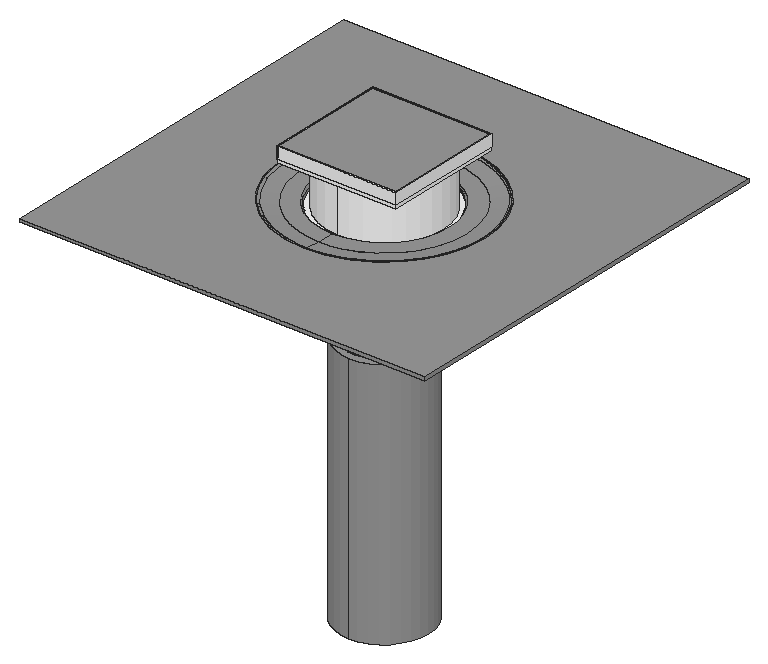
Revit family "HL_RU_Roof drain_HL69BH-B-221103", category Instalační zařizovací předměty, Revit 2021
Family settings
  Kóta kulaté spojky = Použít průměr
  Typ dílu = Normální
  Číslo OmniClass = 23.70.50.21.24.14
  Nadpis OmniClass = Deck Waste Water Drains
  Založené na pracovní rovině = Ne
  Vždy vertikální = Ano
  Ořezat dutým tvarem při načtení = Ne
  Sdílené = Ne
  Bod výpočtu místnosti = Ano
Parameters
  РЕШЁТКА = "Edelstahl 137x137mm"
  РАЗМЕР = "für DN110"
  ПРОПУСКНАЯ СПОСОБНОСТЬ [instance] = 0.0 L/s
  ПРОИЗВОДИТЕЛЬНОСТЬ = "6,83 l/s"
  ПРАВОВАЯ ИНФОРМАЦИЯ = "Авторские права(©), права на дизайн или какие либо другие права интелектуальной собственности являются исключительной собственностью компании HL Hutterer & Lechner. Изменению не подлежит. Файл семейства с данными о прозводителе изделия защищен паролем с водяным знаком."
  НОМИНАЛЬНЫЙ ДИАМЕТР = 110 mm
  НАСАДКА = "12-65mm/148x148mm"
  МАТЕРИАЛ = "PP"
  МАКСИМАЛЬНАЯ НАГРУЗКА КЛАССА = "K - 300 kg"
  ВЫСОТА МОНТАЖА = "301 mm"
  ВЕС = "2,727 [kg]"
  Výchozí výška = 0 mm
  Výrobce = "HL Hutterer & Lechner GmbH"  # constant formula
  URL = "http://www.hutterer-lechner.com/ru/products/catalog/roof-drains/HL69BH/1.aspx"
  Материал плитка [instance] = none
  Přípoj ventilace = no
  Přípoj odpadních dílů = yes
  Přípoj HW = no
  Přípoj CW = no
  Popis = "Кровельные воронки"
  Model = "HL69BH_1"
  Assembly Code = " "
  Komentáře k typům = "HL69BH/1, \"Ремонтная\" кровельная воронка для DN110 с битумным полотном. Проходная _ 148х148мм/137х137мм."
  Keynote = "HL69BH_1"
  EAN = "9003076009251"
  Bысота монтажа [instance] = 65 mm
  G [instance] = 180.00°  # constant formula
  D [instance] = if(НОМИНАЛЬНЫЙ ДИАМЕТР = 75 mm, 250 mm, if(НОМИНАЛЬНЫЙ ДИАМЕТР = 160 mm, 250 mm, 363 mm)) + Bысота монтажа  # 428 mm
  C [instance] = if(Bысота монтажа - 68 mm < 0 mm, 0 mm, Bысота монтажа - 68 mm)  # 0 mm
  B [instance] = 100 mm  # constant formula
  A [instance] = if(B - 100 mm > 15 mm, B - 100 mm, 15 mm)  # 15 mm
Types (5, lengths in mm): name | РАЗМЕР | ПРОИЗВОДИТЕЛЬНОСТЬ | НОМИНАЛЬНЫЙ ДИАМЕТР | ВЕС | URL | Model | Komentáře k typům | Keynote | EAN | D
  (no name) | "für DN110" | "6,83 l/s" | 110 | "2,727 [kg]" | "http://www.hutterer-lechner.com/ru/products/catalog/roof-drains/HL69BH/1.aspx" | "HL69BH_1" | "HL69BH/1, \"Ремонтная\" кровельная воронка для DN110 с битумным полотном. Проходная _ 148х148мм/137х137мм." | "HL69BH_1" | "9003076009251" | 428
  HL_Кровельная воронка_HL69BH_1 | "für DN110" | "6,83 l/s" | 110 | "2,727 [kg]" | "http://www.hutterer-lechner.com/ru/products/catalog/roof-drains/HL69BH/1.aspx" | "HL69BH_1" | "HL69BH/1, \"Ремонтная\" кровельная воронка для DN110 с битумным полотном. Проходная _ 148х148мм/137х137мм." | "HL69BH_1" | "9003076009251" | 428
  HL_Кровельная воронка_HL69BH_2 | "für DN125" | "8,17 l/s" | 125 | "2,42 [kg]" | "http://www.hutterer-lechner.com/ru/products/catalog/roof-drains/HL69BH/2.aspx" | "HL69BH_2" | "HL69BH/2, \"Ремонтная\" кровельная воронка для DN125 с битумным полотном. Проходная _ 148х148мм/137х137мм." | "HL69BH_2" | "9003076009275" | 428
  HL_Кровельная воронка_HL69BH_5 | "für DN160" | "6,50 l/s" | 160 | "2,76 [kg]" | "http://www.hutterer-lechner.com/ru/products/catalog/roof-drains/HL69BH/5.aspx" | "HL69BH_5" | "HL69BH/5, \"Ремонтная\" кровельная воронка для DN160 с битумным полотном. Проходная _ 148х148мм/137х137мм." | "HL69BH_5" | "9003076009299" | 315
  HL_Кровельная воронка_HL69BH_7 | "für DN75" | "7,00 l/sec" | 75 | "2,454 [kg]" | "http://www.hutterer-lechner.com/ru/products/catalog/roof-drains/HL69BH/7.aspx" | "HL69BH_7" | "HL69BH/7, \"Ремонтная\" кровельная воронка для DN75 с битумным полотном. Проходная _ 148х148мм/137х137мм." | "HL69BH_7" | "9003076009312" | 315
Reference planes
  plane 1 "Center (Front/Back)": y = 0
  plane 2: z = 0
  plane 3 "Center (Left/Right)": x = 0
  plane 4: z = -100
  plane 5: z = -65
Lines and regions (mm)
  model lines, style "InvisibleLines"
    curve 1: line (0, 0, 0) -> (0, 0, 20)
  model lines, style "PlumbingFixtures", detail levels coarse+medium
    curve 2: line (0, 0, -100) -> (0, 0, -85)
    curve 3: line (0, 0, -85) -> (-85, 0, 0)
    curve 4: line (0, 0, -85) -> (85, 0, 0)
    curve 6: line (0, 0, -100) -> (0, 0, -528)
  reference lines, not visible
    curve 5: line (0, 0, -100) -> (0, 0, -528)
  symbolic lines, style "PlumbingFixtures", detail levels coarse+medium
    curve 7: line (-75, 75, 0) -> (75, 75, 0)
    curve 8: line (-75, -75, 0) -> (-75, 75, 0)
    curve 9: line (75, -75, 0) -> (-75, -75, 0)
    curve 10: line (75, 75, 0) -> (75, -75, 0)
    curve 11: line (-75, 75, 0) -> (-145.711, 145.711, 0)
    curve 12: line (75, 75, 0) -> (145.711, 145.711, 0)
    curve 13: line (-75, -75, 0) -> (-145.711, -145.711, 0)
    curve 14: line (75, -75, 0) -> (145.711, -145.711, 0)
  symbolic lines, style "PlumbingFixtures", not visible, detail levels coarse+medium
    curve 15: line (-75, 75, 0) -> (75, 75, 0)
    curve 16: line (-75, -75, 0) -> (-75, 75, 0)
    curve 17: line (75, -75, 0) -> (-75, -75, 0)
    curve 18: line (75, 75, 0) -> (75, -75, 0)
    curve 19: line (-75, 75, 0) -> (-145.711, 145.711, 0)
    curve 20: line (75, 75, 0) -> (145.711, 145.711, 0)
    curve 21: line (-75, -75, 0) -> (-145.711, -145.711, 0)
    curve 22: line (75, -75, 0) -> (145.711, -145.711, 0)
Text (mm)
  text "FLOOR" at (-162.344, 0, -10.979), in view "Drain Construction View"
Dimensions and locks
  "B": plane 2 to plane 4
  "Bысота монтажа": plane 2 to plane 5
  "A": curve 4 to plane 4
  "D": curve 5 to curve 5
  "D": curve 6 to curve 6
  locked: curve 4 to plane 3 "Center (Left/Right)" (angle 45.00°)
  locked: plane 3 "Center (Left/Right)" to curve 3 (angle 45.00°)
  "G": angle curve 5 to plane 3 "Center (Left/Right)"
  aligned and locked: level to plane 2
  aligned and locked: plane 2 to curve 4
  aligned and locked: plane 2 to curve 3
  aligned and locked: plane 4 to curve 5
  aligned and locked: plane 3 "Center (Left/Right)" to curve 5
  aligned and locked: plane 4 to curve 2
  aligned and locked: curve 6 to plane 3 "Center (Left/Right)"
  aligned and locked: curve 6 to plane 4
  aligned and locked: nested 2 to plane 5
  aligned and locked: plane 2 to nested 1
  aligned and locked: nested 2 to plane 3 "Center (Left/Right)"
  aligned and locked: plane 3 "Center (Left/Right)" to nested 1
Automatic sketch dimensions
  curve 2 to plane 3 "Center (Left/Right)" = 0 mm
  curve 1 to plane 3 "Center (Left/Right)" = 0 mm
  curve 1 to level = 0 mm
  level to curve 1 = 20 mm
Nested families
  nested 1: "HL_Насадка_HL66.9S" at (0, 0, 0), Bысота монтажа <- "Bысота монтажа", type "HL_Grate frame_HL66.9S"
    with L 93 mm, IHmin 12 mm, IHmax 65 mm, Bысота монтажа 65 mm
  nested 2: "HL_кровельные воронки - корпус_HL69H" at (0, 0, -69), НОМИНАЛЬНЫЙ ДИАМЕТР <- "НОМИНАЛЬНЫЙ ДИАМЕТР", type "HL_кровельные воронки - корпус_HL69H"
    with НОМИНАЛЬНЫЙ ДИАМЕТР 110 mm, C no, B no, A yes
Connectors
  piping at (0, 0, -528), diameter 110, driven by "ПРОПУСКНАЯ СПОСОБНОСТЬ", driven by "НОМИНАЛЬНЫЙ ДИАМЕТР"
    settings: on curve 5, index 1, connector inside diameter 609.6 mm, connector length 0 mm, flow factor 0, pipe flow 0.0 L/s, pressure drop 0.0 Pa, fitting loss kfactor 0, connector angle 0.00°, fixture units 0, engagement length 0 mm, angle of deflection 0.00°, flow configuration 1, flow direction 2, fitting loss method 0, system type 16, joint type 0, gender type 0, connector reference index -1, connector utility 0, adjustable connector yes, is connector primary yes, connector description ""
Definition of nested family "HL_Насадка_HL66.9S"
  Parameters (values of type "HL_Grate frame_HL66.9S")
    РЕШЁТКА = "Edelstahl 138x138mm"
    РАЗМЕР = "d 145 mm"
    ПРАВОВАЯ ИНФОРМАЦИЯ = "Авторские права(©), права на дизайн или какие либо другие права интелектуальной собственности являются исключительной собственностью компании HL Hutterer & Lechner. Изменению не подлежит. Файл семейства с данными о прозводителе изделия защищен паролем с водяным знаком."
    НАСАДКА = "147x147mm"
    МАТЕРИАЛ = "PP"
    МАКСИМАЛЬНАЯ НАГРУЗКА КЛАССА = "K - 300 kg"
    ВЫСОТА МОНТАЖА = "12-65mm"
    Материал плитка = none
    ВЕС = "0,345 [kg]"
    Default Elevation = 0 mm
    L [instance] = if(Bысота монтажа < IHmin, -100 mm, if(Bысота монтажа > IHmax, -100 mm, Bысота монтажа + 28 mm))  # 93 mm
    Manufacturer = "HL Hutterer & Lechner GmbH"
    URL = "http://www.hutterer-lechner.com/ru/products/catalog/roof-drains/HL66.9.aspx"
    Description = "Кровельные воронки"
    Model = "HL66.9"
    Type Comments = "HL66.9, Насадка d 145мм с бороздками/147х147мм/138х138мм"
    Keynote = "HL66.9"
    Bысота монтажа [instance] = 65 mm
    IHmin [instance] = 12 mm
    IHmax [instance] = 65 mm
    EAN = "9003076014606"
    Cost = 0
  Reference planes
    plane 1 "Střed (vpředu/vzadu)": y = 0
    plane 2: z = 0
    plane 3 "Střed (vlevo/vpravo)": x = 0
  Forms (mm)
    Revolve 1, solid, detail levels fine
      sketch origin (0, 0, 128) x (0, 1, 0) y (0, 0, 1)
        loop
          line (72.5, -142) -> (69.248, -142) -> (69.248, -221) -> (72.5, -221) -> (72.5, -142)
        axis (0, -142) -> (0, -221)
      angle from 0 to 360
    Extrusion 2, solid, detail levels fine
      sketch origin (-1.537, 0, -14.6) x (0, 1, 0) y (-1, 0, 0)
        loop
          line (74, 72.459) -> (-74, 72.459) -> (-74, -75.537) -> (74, -75.537) -> (74, 72.459)
        loop
          line (73, 71.463) -> (-73, 71.463) -> (-73, -74.537) -> (73, -74.537) -> (73, 71.463)
      from 0.6 to 14.6
    Extrusion 3, solid, detail levels fine
      sketch origin (-1.537, 0, -14) x (-1, 0, 0) y (0, 1, 0)
        loop
          line (71.463, 73) -> (-74.537, 73) -> (-74.537, -73) -> (71.463, -73) -> (71.463, 73)
        loop
          circle (-1.537, 0) r 72.5
      from 0 to 5
    Extrusion 4, solid, detail levels fine
      sketch origin (-1.537, 0, -14) x (-1, 0, 0) y (0, -1, 0)
        loop
          line (70.95, -72.397) -> (70.95, 72.463) -> (-74.05, 72.463) -> (-74.05, -72.397) -> (70.95, -72.397)
      from 0 to 14
    Revolve 5, solid, detail levels fine
      sketch origin (0, 75.989, -93) x (0, -1, 0) y (0, 0, -1)
        loop
          line (3.489, -20) -> (3.489, 0) -> (0.186, 0) -> (-2.325, -2.511) -> (-2.325, -20) -> (3.489, -20)
        axis (75.989, -20) -> (75.989, 0)
      angle from 0 to 360
  Lines and regions (mm)
    model lines, detail levels fine
      curve 1: line (36.25, 24.325, 0) -> (36.25, -24.42, 0)
      curve 2: line (43.75, -24.42, 0) -> (43.75, 24.325, 0)
      curve 3: line (52.25, 40.306, 0) -> (52.25, -40.355, 0)
      curve 4: line (59.75, -40.355, 0) -> (59.75, 40.306, 0)
      curve 5: line (20.25, 8.588, 0) -> (20.25, -8.684, 0)
      curve 6: line (27.75, -8.684, 0) -> (27.75, 8.588, 0)
      curve 7: arc (27.75, 8.588, 0) -> (24, 12.338, 0) -> (20.25, 8.588, 0) r 3.75
      curve 8: arc (20.25, -8.684, 0) -> (24, -12.434, 0) -> (27.75, -8.684, 0) r 3.75
      curve 9: arc (36.25, -24.42, 0) -> (40, -28.17, 0) -> (43.75, -24.42, 0) r 3.75
      curve 10: arc (43.75, 24.325, 0) -> (40, 28.075, 0) -> (36.25, 24.325, 0) r 3.75
      curve 11: arc (59.75, 40.306, 0) -> (56, 44.056, 0) -> (52.25, 40.306, 0) r 3.75
      curve 12: arc (52.25, -40.355, 0) -> (56, -44.105, 0) -> (59.75, -40.355, 0) r 3.75
      curve 13: line (-24.325, -36.25, 0) -> (24.42, -36.25, 0)
      curve 14: line (24.42, -43.75, 0) -> (-24.325, -43.75, 0)
      curve 15: line (-40.306, -52.25, 0) -> (40.355, -52.25, 0)
      curve 16: line (40.355, -59.75, 0) -> (-40.306, -59.75, 0)
      curve 17: line (-8.588, -20.25, 0) -> (8.684, -20.25, 0)
      curve 18: line (8.684, -27.75, 0) -> (-8.588, -27.75, 0)
      curve 19: arc (-8.588, -27.75, 0) -> (-12.338, -24, 0) -> (-8.588, -20.25, 0) r 3.75
      curve 20: arc (8.684, -20.25, 0) -> (12.434, -24, 0) -> (8.684, -27.75, 0) r 3.75
      curve 21: arc (24.42, -36.25, 0) -> (28.17, -40, 0) -> (24.42, -43.75, 0) r 3.75
      curve 22: arc (-24.325, -43.75, 0) -> (-28.075, -40, 0) -> (-24.325, -36.25, 0) r 3.75
      curve 23: arc (-40.306, -59.75, 0) -> (-44.056, -56, 0) -> (-40.306, -52.25, 0) r 3.75
      curve 24: arc (40.355, -52.25, 0) -> (44.105, -56, 0) -> (40.355, -59.75, 0) r 3.75
      curve 25: line (36.25, -24.42, 0) -> (36.25, 24.325, 0)
      curve 26: line (43.75, 24.325, 0) -> (43.75, -24.42, 0)
      curve 27: line (52.25, -40.355, 0) -> (52.25, 40.306, 0)
      curve 28: line (59.75, 40.306, 0) -> (59.75, -40.355, 0)
      curve 29: line (20.25, -8.684, 0) -> (20.25, 8.588, 0)
      curve 30: line (27.75, 8.588, 0) -> (27.75, -8.684, 0)
      curve 31: arc (27.75, -8.588, 0) -> (24, -12.338, 0) -> (20.25, -8.588, 0) r 3.75
      curve 32: arc (20.25, 8.684, 0) -> (24, 12.434, 0) -> (27.75, 8.684, 0) r 3.75
      curve 33: arc (36.25, 24.42, 0) -> (40, 28.17, 0) -> (43.75, 24.42, 0) r 3.75
      curve 34: arc (43.75, -24.325, 0) -> (40, -28.075, 0) -> (36.25, -24.325, 0) r 3.75
      curve 35: arc (59.75, -40.306, 0) -> (56, -44.056, 0) -> (52.25, -40.306, 0) r 3.75
      curve 36: arc (52.25, 40.355, 0) -> (56, 44.105, 0) -> (59.75, 40.355, 0) r 3.75
      curve 37: line (24.42, -36.25, 0) -> (-24.325, -36.25, 0)
      curve 38: line (-24.325, -43.75, 0) -> (24.42, -43.75, 0)
      curve 39: line (40.355, -52.25, 0) -> (-40.306, -52.25, 0)
      curve 40: line (-40.306, -59.75, 0) -> (40.355, -59.75, 0)
      curve 41: line (8.684, -20.25, 0) -> (-8.588, -20.25, 0)
      curve 42: line (-8.588, -27.75, 0) -> (8.684, -27.75, 0)
      curve 43: arc (8.588, -27.75, 0) -> (12.338, -24, 0) -> (8.588, -20.25, 0) r 3.75
      curve 44: arc (-8.684, -20.25, 0) -> (-12.434, -24, 0) -> (-8.684, -27.75, 0) r 3.75
      curve 45: arc (-24.42, -36.25, 0) -> (-28.17, -40, 0) -> (-24.42, -43.75, 0) r 3.75
      curve 46: arc (24.325, -43.75, 0) -> (28.075, -40, 0) -> (24.325, -36.25, 0) r 3.75
      curve 47: arc (40.306, -59.75, 0) -> (44.056, -56, 0) -> (40.306, -52.25, 0) r 3.75
      curve 48: arc (-40.355, -52.25, 0) -> (-44.105, -56, 0) -> (-40.355, -59.75, 0) r 3.75
      curve 49: line (-36.25, 24.325, 0) -> (-36.25, -24.325, 0)
      curve 50: line (-43.75, -24.325, 0) -> (-43.75, 24.325, 0)
      curve 51: line (-52.25, 40.306, 0) -> (-52.25, -40.306, 0)
      curve 52: line (-59.75, -40.306, 0) -> (-59.75, 40.306, 0)
      curve 53: line (-20.25, 8.588, 0) -> (-20.25, -8.588, 0)
      curve 54: line (-27.75, -8.684, 0) -> (-27.75, 8.588, 0)
      curve 55: arc (-27.75, 8.588, 0) -> (-24, 12.338, 0) -> (-20.25, 8.588, 0) r 3.75
      curve 56: arc (-20.25, -8.684, 0) -> (-24, -12.434, 0) -> (-27.75, -8.684, 0) r 3.75
      curve 57: arc (-43.75, 24.325, 0) -> (-40, 28.075, 0) -> (-36.25, 24.325, 0) r 3.75
      curve 58: arc (-59.75, 40.306, 0) -> (-56, 44.056, 0) -> (-52.25, 40.306, 0) r 3.75
      curve 59: line (-36.25, -24.325, 0) -> (-36.25, 24.325, 0)
      curve 60: line (-43.75, 24.325, 0) -> (-43.75, -24.325, 0)
      curve 61: line (-52.25, -40.306, 0) -> (-52.25, 40.306, 0)
      curve 62: line (-59.75, 40.306, 0) -> (-59.75, -40.306, 0)
      curve 63: line (-20.25, -8.588, 0) -> (-20.25, 8.588, 0)
      curve 64: line (-27.75, 8.588, 0) -> (-27.75, -8.684, 0)
      curve 65: arc (-27.75, -8.588, 0) -> (-24, -12.338, 0) -> (-20.25, -8.588, 0) r 3.75
      curve 66: arc (-20.25, 8.684, 0) -> (-24, 12.434, 0) -> (-27.75, 8.684, 0) r 3.75
      curve 67: arc (-36.25, 24.42, 0) -> (-40, 28.17, 0) -> (-43.75, 24.42, 0) r 3.75
      curve 68: arc (-43.75, -24.325, 0) -> (-40, -28.075, 0) -> (-36.25, -24.325, 0) r 3.75
      curve 69: arc (-59.75, -40.306, 0) -> (-56, -44.056, 0) -> (-52.25, -40.306, 0) r 3.75
      curve 70: arc (-52.25, 40.355, 0) -> (-56, 44.105, 0) -> (-59.75, 40.355, 0) r 3.75
      curve 71: line (-24.42, 36.25, 0) -> (24.325, 36.25, 0)
      curve 72: line (24.42, 43.75, 0) -> (-24.42, 43.75, 0)
      curve 73: line (-40.355, 52.25, 0) -> (40.306, 52.25, 0)
      curve 74: line (40.306, 59.75, 0) -> (-40.355, 59.75, 0)
      curve 75: line (-8.588, 20.25, 0) -> (8.588, 20.25, 0)
      curve 76: line (8.684, 27.75, 0) -> (-8.588, 27.75, 0)
      curve 77: arc (-8.588, 27.75, 0) -> (-12.338, 24, 0) -> (-8.588, 20.25, 0) r 3.75
      curve 78: arc (8.684, 20.25, 0) -> (12.434, 24, 0) -> (8.684, 27.75, 0) r 3.75
      curve 79: arc (24.42, 36.25, 0) -> (28.17, 40, 0) -> (24.42, 43.75, 0) r 3.75
      curve 80: line (24.325, 36.25, 0) -> (-24.42, 36.25, 0)
      curve 81: line (-24.42, 43.75, 0) -> (24.42, 43.75, 0)
      curve 82: line (40.306, 52.25, 0) -> (-40.355, 52.25, 0)
      curve 83: line (-40.355, 59.75, 0) -> (40.306, 59.75, 0)
      curve 84: line (8.588, 20.25, 0) -> (-8.588, 20.25, 0)
      curve 85: line (-8.588, 27.75, 0) -> (8.684, 27.75, 0)
      curve 86: arc (8.588, 27.75, 0) -> (12.338, 24, 0) -> (8.588, 20.25, 0) r 3.75
      curve 87: arc (-8.684, 20.25, 0) -> (-12.434, 24, 0) -> (-8.684, 27.75, 0) r 3.75
      curve 88: arc (-24.42, 36.25, 0) -> (-28.17, 40, 0) -> (-24.42, 43.75, 0) r 3.75
      curve 89: arc (24.325, 43.75, 0) -> (28.075, 40, 0) -> (24.325, 36.25, 0) r 3.75
      curve 90: arc (40.306, 59.75, 0) -> (44.056, 56, 0) -> (40.306, 52.25, 0) r 3.75
      curve 91: arc (-40.355, 52.25, 0) -> (-44.105, 56, 0) -> (-40.355, 59.75, 0) r 3.75
    reference lines
      curve 92: line (0, 75.989, -93) -> (0, -174.011, -93)
  Dimensions and locks
    Extrusion 2 sketch curve to Extrusion 2 sketch curve = 147.996 mm
    Extrusion 2 sketch curve to Extrusion 2 sketch curve = 148 mm
    "L": curve 92 to plane 2
    aligned and locked: level to plane 2
    aligned and locked: Revolve 1 to curve 92
  Automatic sketch dimensions
    plane 1 "Střed (vpředu/vzadu)" to Extrusion 2 sketch curve = 74 mm
    Extrusion 2 sketch curve to Extrusion 2 sketch curve = 1 mm  (x3)
    plane 3 "Střed (vlevo/vpravo)" to Extrusion 2 sketch curve = 74 mm
    Extrusion 2 sketch curve to Extrusion 2 sketch curve = 0.996 mm
    Extrusion 3 sketch curve to Extrusion 2 = 0 mm  (x4)
    Extrusion 3 sketch curve to Extrusion 2 = 73 mm  (x2)
    Extrusion 2 to curve 16 = 13.25 mm
    curve 24 to curve 47 = 3.75 mm
    curve 47 to curve 24 = 0 mm
    curve 48 to curve 23 = 0 mm  (x2)
    curve 23 to curve 38 = 8.5 mm
    curve 24 to curve 12 = 11.895 mm
    curve 12 to curve 35 = 0.048 mm
    curve 15 to curve 69 = 11.944 mm
    curve 22 to curve 45 = 3.75 mm
    curve 21 to curve 46 = 3.75 mm
    curve 46 to curve 21 = 0 mm
    curve 22 to curve 18 = 8.5 mm
    curve 21 to curve 9 = 11.83 mm
    curve 13 to curve 49 = 11.925 mm
    curve 9 to curve 34 = 0.095 mm
    curve 18 to curve 19 = 3.75 mm
    curve 44 to curve 19 = 0 mm  (x2)
    curve 43 to curve 20 = 0 mm
    curve 20 to curve 5 = 11.566 mm
    curve 49 to curve 64 = 15.642 mm
    curve 8 to curve 31 = 0.095 mm
    curve 56 to curve 53 = 0.095 mm
    curve 65 to curve 64 = 17.177 mm
    curve 31 to curve 29 = 17.177 mm
    curve 7 to curve 32 = 0.095 mm
    curve 55 to curve 66 = 0.095 mm
    curve 32 to curve 84 = 11.566 mm
    curve 86 to curve 78 = 3.75 mm
    curve 86 to curve 78 = 0 mm
    curve 77 to curve 87 = 3.75 mm
    curve 87 to curve 77 = 0 mm  (x2)
    curve 66 to curve 60 = 15.642 mm
    curve 32 to curve 26 = 15.642 mm
    curve 10 to curve 33 = 0.095 mm
    curve 57 to curve 67 = 0.095 mm
    curve 33 to curve 71 = 11.83 mm
    curve 89 to curve 89 = 3.75 mm
    curve 88 to curve 88 = 3.75 mm
    curve 89 to curve 79 = 0 mm
    curve 33 to curve 11 = 15.886 mm
    curve 67 to curve 51 = 15.886 mm
    curve 58 to curve 70 = 0.048 mm
    curve 11 to curve 36 = 0.048 mm
    curve 70 to curve 73 = 11.895 mm
    curve 90 to curve 90 = 3.75 mm
    Extrusion 2 to curve 28 = 13.25 mm
    curve 4 to curve 11 = 3.75 mm
    curve 35 to curve 12 = 0 mm
    curve 36 to curve 11 = 0 mm
    curve 3 to curve 2 = 8.5 mm
    curve 3 to curve 39 = 11.895 mm
    curve 11 to curve 83 = 11.944 mm
    curve 24 to curve 47 = 0.048 mm
    curve 26 to curve 9 = 3.75 mm
    curve 33 to curve 10 = 0 mm
    curve 34 to curve 9 = 0 mm
    curve 34 to curve 30 = 8.5 mm
    curve 90 to curve 72 = 15.886 mm
    curve 1 to curve 21 = 11.83 mm
    curve 79 to curve 80 = 0.095 mm
    curve 21 to curve 46 = 0.095 mm
    curve 6 to curve 32 = 3.75 mm
    curve 6 to curve 8 = 3.75 mm
    curve 31 to curve 8 = 0 mm
    curve 29 to curve 17 = 11.566 mm
    curve 7 to curve 78 = 11.566 mm
    curve 78 to curve 86 = 0.095 mm
    curve 20 to curve 43 = 0.095 mm
    curve 43 to curve 41 = 17.177 mm
    curve 86 to curve 77 = 17.177 mm
    curve 19 to curve 44 = 0.095 mm
    curve 77 to curve 87 = 0.095 mm
    curve 87 to curve 53 = 11.566 mm
    curve 53 to curve 66 = 3.75 mm
    curve 55 to curve 66 = 0 mm
    curve 56 to curve 54 = 3.75 mm
    curve 65 to curve 56 = 0 mm
    curve 44 to curve 14 = 15.642 mm
    curve 22 to curve 45 = 0.095 mm
    curve 87 to curve 72 = 15.736 mm
    curve 45 to curve 59 = 11.83 mm
    curve 57 to curve 67 = 3.75 mm
    curve 68 to curve 68 = 3.75 mm
    curve 45 to curve 15 = 15.886 mm
    curve 23 to curve 48 = 0.048 mm
    curve 72 to curve 74 = 15.935 mm
    curve 91 to curve 51 = 11.895 mm
    curve 51 to curve 70 = 3.75 mm
    curve 51 to curve 69 = 3.75 mm
    curve 45 to curve 22 = 0 mm
    curve 36 to curve 28 = 0 mm
    curve 33 to curve 2 = 0 mm
    curve 32 to curve 30 = 0 mm
    curve 66 to curve 55 = 0 mm
    curve 67 to curve 57 = 0 mm
    curve 70 to curve 51 = 0 mm
    Extrusion 4 sketch curve to Extrusion 3 = 0.487 mm
    Extrusion 4 sketch curve to Extrusion 3 = 0.513 mm
    Extrusion 4 sketch curve to Extrusion 3 = 0.603 mm
    Extrusion 4 sketch curve to Extrusion 3 = 0.537 mm
    Revolve 1 sketch curve to plane 1 "Střed (vpředu/vzadu)" = 0 mm
    Revolve 1 sketch curve to level = 14 mm
    Revolve 1 sketch curve to plane 1 "Střed (vpředu/vzadu)" = 69.248 mm
    Revolve 1 sketch curve to Revolve 1 sketch curve = 3.252 mm
    Revolve 1 sketch curve to Revolve 1 sketch curve = 79 mm
    Revolve 1 sketch curve to Revolve 1 sketch curve = 17.5 mm
    level to Revolve 1 sketch curve = 144.5 mm
    Revolve 5 sketch curve to curve 92 = 0 mm
    Revolve 5 sketch curve to curve 92 = 2.325 mm
    curve 92 to Revolve 5 sketch curve = 0.186 mm
    curve 92 to Revolve 5 sketch curve = 3.489 mm
    Revolve 5 sketch curve to curve 92 = 2.511 mm
    Revolve 5 sketch curve to curve 92 = 20 mm
    curve 92 to Revolve 5 sketch curve = 75.989 mm
    Revolve 5 sketch curve to curve 92 = 393 mm
    curve 92 to Revolve 5 sketch curve = 207 mm
    plane 1 "Střed (vpředu/vzadu)" to curve 92 = 174.011 mm
    curve 92 to plane 1 "Střed (vpředu/vzadu)" = 75.989 mm
    radius of Extrusion 3 sketch curve = 72.5 mm
Definition of nested family "HL_кровельные воронки - корпус_HL69H"
  Parameters (values of type "HL_кровельные воронки - корпус_HL69H")
    НОМИНАЛЬНЫЙ ДИАМЕТР [instance] = 110 mm
    Default Elevation = 0 mm
    Manufacturer = ""
    URL = ""
    Description = ""
    Model = ""
    Type Comments = ""
    Cost = 0
    C [instance] = if(НОМИНАЛЬНЫЙ ДИАМЕТР = 160 mm, (1 = 1), 0 = 1)  # no
    B [instance] = if(НОМИНАЛЬНЫЙ ДИАМЕТР = 75 mm, (1 = 1), 0 = 1)  # no
    A [instance] = if(or(НОМИНАЛЬНЫЙ ДИАМЕТР = 125 mm, НОМИНАЛЬНЫЙ ДИАМЕТР = 110 mm), (1 = 1), 0 = 1)  # yes
  Reference planes
    plane 1 "Střed (vpředu/vzadu)": y = 0
    plane 2: z = 0
    plane 3 "Střed (vlevo/vpravo)": x = 0
  Forms (mm)
    Revolve 1, solid, detail levels fine
      sketch origin (0, 0, 0) x (0, 1, 0) y (0, 0, 1)
        loop
          line (177, -3) -> (177, 0) -> (112, 0) -> (82.902, -11.757) -> (82.902, -27.379) -> (77.902, -27.379) -> (77.902, -42) -> (0, -42) -> (0, -45) -> (81.026, -45) -> (81.026, -30) -> (85.505, -28.716) -> (85.505, -11.757) -> (104.147, -11.757) -> (128.206, -3) -> (177, -3)
        axis (0, 0) -> (0, -45)
      angle from 0 to 360
    Extrusion 2, solid, detail levels fine
      sketch origin (0, 0, 0) x (1, 0, 0) y (0, 1, 0)
        loop
          line (250, 250) -> (-250, 250) -> (-250, -250) -> (250, -250) -> (250, 250)
        loop
          circle (0, 0) r 124.28
      from 0 to 4
    Revolve 3, solid, detail levels fine
      sketch origin (0, 0, 0) x (0, 1, 0) y (0, 0, 1)
        loop
          line (82.902, -11.757) -> (112, 0) -> (124.28, 0) -> (124.28, 4) -> (123.294, 4) -> (120.925, 2.793) -> (101.964, 0.8) -> (81.005, 0.8) -> (79.24, -2.257) -> (79.24, -21.433) -> (75.783, -21.433) -> (75.045, -23.015) -> (75.045, -27.379) -> (82.902, -27.379) -> (82.902, -11.757)
        axis (0, 4) -> (0, -27.379)
      angle from 0 to 360
    Revolve 4, solid, visible <- "A", detail levels fine
      sketch origin (0, 0, 0) x (0, 1, 0) y (0, 0, 1)
        loop
          line (0, -149.019) -> (45.493, -149.019) -> (45.493, -99) -> (63.12, -99) -> (63.12, -62.992) -> (73.508, -45) -> (0, -45) -> (0, -149.019)
        axis (0, -45) -> (0, -149.019)
      angle from 0 to 360
    Extrusion 5, solid, visible <- "A", detail levels fine
      sketch origin (0, 0, -149.019) x (0, 1, 0) y (1, 0, 0)
        loop
          circle (0, 0) r 55
      from 0 to 310
    Revolve 6, solid, visible <- "B", detail levels fine
      sketch origin (0, 0, 0) x (0, 1, 0) y (0, 0, 1)
        loop
          line (28.12, -94.1) -> (62.726, -45) -> (0, -45) -> (0, -346) -> (35.72, -346) -> (35.72, -108) -> (28.12, -108) -> (28.12, -94.1)
        axis (0, -45) -> (0, -346)
      angle from 0 to 360
    Revolve 7, solid, visible <- "C", detail levels fine
      sketch origin (0, 0, 0) x (0, 1, 0) y (0, 0, 1)
        loop
          line (73.507, -45) -> (0, -45) -> (0, -346) -> (81.007, -346) -> (81.007, -107.5) -> (63.507, -107.5) -> (63.507, -67) -> (73.507, -67) -> (73.507, -45)
        axis (0, -45) -> (0, -346)
      angle from 0 to 360
  Dimensions and locks
    "НОМИНАЛЬНЫЙ ДИАМЕТР": diameter of Extrusion 5 sketch curve
    aligned and locked: level to plane 2
  Automatic sketch dimensions
    Revolve 1 sketch curve to plane 1 "Střed (vpředu/vzadu)" = 0 mm  (x2)
    level to Revolve 1 sketch curve = 0 mm
    Revolve 1 sketch curve to plane 1 "Střed (vpředu/vzadu)" = 77.902 mm
    Revolve 1 sketch curve to Revolve 1 sketch curve = 3.124 mm
    Revolve 1 sketch curve to Revolve 1 sketch curve = 5 mm
    Revolve 1 sketch curve to level = 28.716 mm
    Revolve 1 sketch curve to Revolve 1 sketch curve = 2.603 mm
    Revolve 1 sketch curve to level = 11.757 mm
    Revolve 1 sketch curve to Revolve 1 sketch curve = 18.642 mm
    Revolve 1 sketch curve to Revolve 1 sketch curve = 7.853 mm
    Revolve 1 sketch curve to level = 3 mm
    Revolve 1 sketch curve to Revolve 1 sketch curve = 16.206 mm
    Revolve 1 sketch curve to Revolve 1 sketch curve = 48.794 mm
    Revolve 1 sketch curve to Revolve 1 sketch curve = 1.284 mm
    Revolve 1 sketch curve to level = 42 mm
    Revolve 1 sketch curve to Revolve 1 sketch curve = 3 mm
    Revolve 1 sketch curve to Revolve 1 sketch curve = 2.621 mm
    Revolve 1 sketch curve to Revolve 1 sketch curve = 0 mm
    level to Revolve 1 sketch curve = 51.827 mm
    Revolve 1 sketch curve to Revolve 1 sketch curve = 60 mm
    plane 1 "Střed (vpředu/vzadu)" to Extrusion 2 sketch curve = 0 mm
    Extrusion 2 sketch curve to plane 3 "Střed (vlevo/vpravo)" = 0 mm
    Extrusion 2 sketch curve to plane 3 "Střed (vlevo/vpravo)" = 250 mm
    plane 3 "Střed (vlevo/vpravo)" to Extrusion 2 sketch curve = 250 mm
    plane 1 "Střed (vpředu/vzadu)" to Extrusion 2 sketch curve = 250 mm
    Extrusion 2 sketch curve to plane 1 "Střed (vpředu/vzadu)" = 250 mm
    Revolve 3 sketch curve to plane 1 "Střed (vpředu/vzadu)" = 0 mm
    level to Revolve 3 sketch curve = 0 mm
    Revolve 3 sketch curve to level = 27.379 mm
    Revolve 3 sketch curve to plane 1 "Střed (vpředu/vzadu)" = 75.045 mm
    Revolve 3 sketch curve to Revolve 3 sketch curve = 0.738 mm
    Revolve 3 sketch curve to Revolve 3 sketch curve = 3.457 mm
    level to Revolve 3 sketch curve = 0.8 mm
    Revolve 3 sketch curve to Revolve 3 sketch curve = 1.765 mm
    Revolve 3 sketch curve to Revolve 3 sketch curve = 3.662 mm
    Revolve 3 sketch curve to Revolve 3 sketch curve = 20.959 mm
    Revolve 3 sketch curve to Revolve 3 sketch curve = 10.036 mm
    level to Revolve 3 sketch curve = 2.793 mm
    Revolve 3 sketch curve to Revolve 3 sketch curve = 8.925 mm
    Revolve 3 sketch curve to Revolve 3 sketch curve = 2.369 mm
    Revolve 3 sketch curve to Revolve 3 sketch curve = 0.985 mm
    Revolve 3 sketch curve to Revolve 3 sketch curve = 4.364 mm
    Revolve 3 sketch curve to Revolve 3 sketch curve = 1.582 mm
    Revolve 3 sketch curve to Revolve 3 sketch curve = 9.676 mm
    Revolve 3 sketch curve to level = 2.257 mm
    Revolve 3 sketch curve to Revolve 3 sketch curve = 1.207 mm
    Revolve 3 sketch curve to Revolve 3 sketch curve = 272.621 mm
    level to Revolve 3 sketch curve = 300 mm
    Revolve 4 sketch curve to plane 1 "Střed (vpředu/vzadu)" = 0 mm  (x2)
    Revolve 4 sketch curve to Revolve 4 sketch curve = 45.493 mm
    Revolve 4 sketch curve to Revolve 4 sketch curve = 17.627 mm
    Revolve 4 sketch curve to Revolve 4 sketch curve = 10.388 mm
    Revolve 4 sketch curve to level = 149.019 mm
    Revolve 4 sketch curve to Revolve 4 sketch curve = 50.019 mm
    Revolve 4 sketch curve to Revolve 4 sketch curve = 36.008 mm
    Revolve 4 sketch curve to Revolve 4 sketch curve = 17.992 mm
    level to Revolve 4 sketch curve = 51.827 mm
    Revolve 4 sketch curve to Revolve 4 sketch curve = 60 mm
    Revolve 6 sketch curve to plane 1 "Střed (vpředu/vzadu)" = 0 mm
    Revolve 6 sketch curve to plane 1 "Střed (vpředu/vzadu)" = 28.12 mm
    Revolve 6 sketch curve to plane 1 "Střed (vpředu/vzadu)" = 35.72 mm
    Revolve 6 sketch curve to level = 346 mm
    Revolve 6 sketch curve to level = 108 mm
    Revolve 6 sketch curve to Revolve 6 sketch curve = 13.9 mm
    Revolve 6 sketch curve to level = 45 mm
    Revolve 6 sketch curve to Revolve 6 sketch curve = 34.606 mm
    Revolve 7 sketch curve to plane 1 "Střed (vpředu/vzadu)" = 63.507 mm
    Revolve 7 sketch curve to Revolve 7 sketch curve = 10 mm
    Revolve 7 sketch curve to plane 1 "Střed (vpředu/vzadu)" = 81.007 mm
    Revolve 7 sketch curve to level = 346 mm
    Revolve 7 sketch curve to level = 107.5 mm
    Revolve 7 sketch curve to Revolve 7 sketch curve = 40.5 mm
    Revolve 7 sketch curve to Revolve 7 sketch curve = 22 mm
    Revolve 7 sketch curve to Revolve 7 sketch curve = 81.007 mm
    Extrusion 5 sketch curve to Revolve 4 = 0 mm
    radius of Extrusion 2 sketch curve = 124.28 mm
